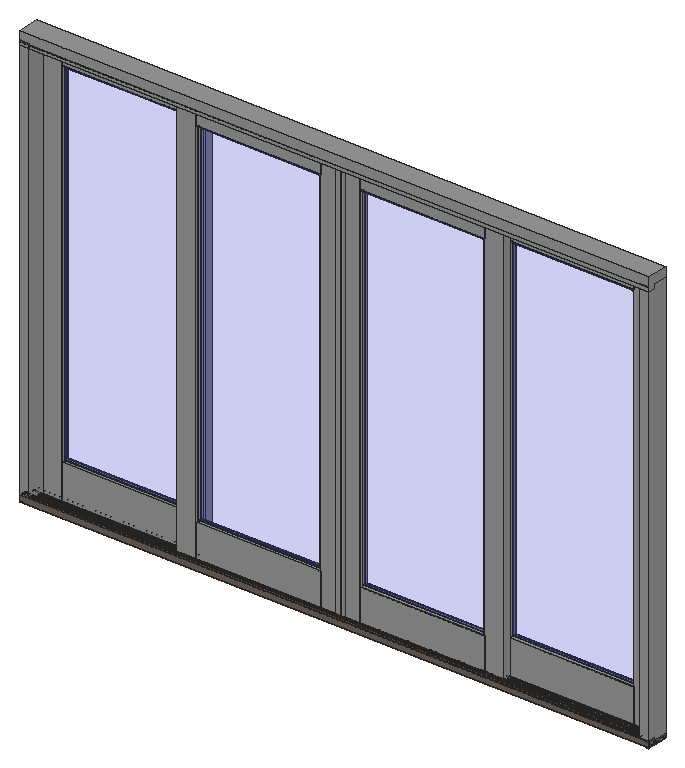
Revit family "VSDA3.1CO", category Doors, host Wall, Revit 2015
Parameters (values of type "VSDA3.1CO")
  Function = Interior
  Frame Projection Ext. = 25 mm
  Frame Projection Int. = 25 mm
  Frame Width = 75 mm
  Height = 2100 mm
  Wall Closure = By host
  Width = 3130 mm
Reference planes
  plane 1: y = 0
  plane 2 "Center (Left/Right)": x = 0
  plane 3 "Left": x = -1565
  plane 4 "Right": x = 1565
  plane 5: z = 2100
  plane 6 "Exterior": y = 75
  plane 7 "Interior": y = -75
Forms (mm)
  Extrusion 1, solid, material "Aluminium Cill (Bronze)"
    sketch origin (0, 79.18, -119.746) x (0, 1, 0) y (0, 0, 1)
      loop
        line (-26.68, 120.746) -> (-26.68, 135.746)
        arc (-26.68, 135.746) -> (-27.558, 137.867) -> (-29.68, 138.746) r 3
        line (-29.68, 138.746) -> (-40.947, 138.746)
        arc (-40.947, 138.746) -> (-42.68, 137.746) -> (-44.412, 138.746) r 2
        line (-44.412, 138.746) -> (-48.947, 138.746)
        arc (-48.947, 138.746) -> (-50.68, 137.746) -> (-52.412, 138.746) r 2
        line (-52.412, 138.746) -> (-56.947, 138.746)
        arc (-56.947, 138.746) -> (-58.68, 137.746) -> (-60.412, 138.746) r 2
        line (-60.412, 138.746) -> (-67.18, 138.746) -> (-67.18, 135.246)
        arc (-67.18, 135.246) -> (-67.619, 134.185) -> (-68.68, 133.746) r 1.5
        line (-68.68, 133.746) -> (-73.43, 133.746) -> (-73.43, 135.746) -> (-71.996, 135.746)
        arc (-71.996, 135.746) -> (-74.68, 138.746) -> (-77.363, 135.746) r 2.7
        line (-77.363, 135.746) -> (-75.93, 135.746) -> (-75.93, 133.746) -> (-80.68, 133.746)
        arc (-80.68, 133.746) -> (-81.74, 134.185) -> (-82.18, 135.246) r 1.5
        line (-82.18, 135.246) -> (-82.18, 138.746) -> (-90.432, 138.746) -> (-98.68, 138.746) -> (-98.68, 143.746)
        arc (-98.68, 143.746) -> (-99.18, 144.246) -> (-99.68, 143.746) r 0.5
        line (-99.68, 143.746) -> (-99.68, 142.734) -> (-100.88, 142.734) -> (-100.88, 150.246) -> (-99.68, 150.246) -> (-99.68, 149.246)
        arc (-99.68, 149.246) -> (-99.18, 148.746) -> (-98.68, 149.246) r 0.5
        line (-98.68, 149.246) -> (-98.68, 150.746)
        arc (-98.68, 150.746) -> (-98.972, 151.453) -> (-99.68, 151.746) r 1
        line (-99.68, 151.746) -> (-109.447, 151.746)
        arc (-109.447, 151.746) -> (-111.18, 150.746) -> (-112.912, 151.746) r 2
        line (-112.912, 151.746) -> (-117.447, 151.746)
        arc (-117.447, 151.746) -> (-119.18, 150.746) -> (-120.912, 151.746) r 2
        line (-120.912, 151.746) -> (-130.68, 151.746)
        arc (-130.68, 151.746) -> (-131.387, 151.453) -> (-131.68, 150.746) r 1
        line (-131.68, 150.746) -> (-131.68, 120.746)
        arc (-131.68, 120.746) -> (-131.387, 120.039) -> (-130.68, 119.746) r 1
        line (-130.68, 119.746) -> (-27.68, 119.746)
        arc (-27.68, 119.746) -> (-26.972, 120.039) -> (-26.68, 120.746) r 1
      loop
        line (-29.68, 137.246) -> (-40.23, 137.246)
        arc (-40.23, 137.246) -> (-42.68, 136.246) -> (-45.129, 137.246) r 3.5
        line (-45.129, 137.246) -> (-48.23, 137.246)
        arc (-48.23, 137.246) -> (-50.68, 136.246) -> (-53.129, 137.246) r 3.5
        line (-53.129, 137.246) -> (-56.23, 137.246)
        arc (-56.23, 137.246) -> (-58.68, 136.246) -> (-61.129, 137.246) r 3.5
        line (-61.129, 137.246) -> (-65.68, 137.246) -> (-65.68, 135.246)
        arc (-65.68, 135.246) -> (-66.558, 133.125) -> (-68.68, 132.246) r 3
        line (-68.68, 132.246) -> (-73.93, 132.246) -> (-73.93, 121.246) -> (-28.18, 121.246) -> (-28.18, 135.746)
        arc (-28.18, 135.746) -> (-28.619, 136.807) -> (-29.68, 137.246) r 1.5
      loop
        line (-75.43, 132.246) -> (-80.68, 132.246)
        arc (-80.68, 132.246) -> (-82.801, 133.125) -> (-83.68, 135.246) r 3
        line (-83.68, 135.246) -> (-83.68, 137.246) -> (-98.68, 137.246) -> (-98.68, 121.246) -> (-75.43, 121.246) -> (-75.43, 132.246)
      loop
        line (-100.18, 121.246) -> (-100.18, 141.246) -> (-102.38, 141.246) -> (-102.38, 150.246) -> (-108.73, 150.246)
        arc (-108.73, 150.246) -> (-111.18, 149.246) -> (-113.629, 150.246) r 3.5
        line (-113.629, 150.246) -> (-116.73, 150.246)
        arc (-116.73, 150.246) -> (-119.18, 149.246) -> (-121.629, 150.246) r 3.5
        line (-121.629, 150.246) -> (-130.18, 150.246) -> (-130.18, 121.246) -> (-100.18, 121.246)
    from -1565 to 1565
  Extrusion 2, solid, material "Lauan, Meranti"
    sketch origin (0, 0, 0) x (0, 1, 0) y (0, 0, 1)
      loop
        line (52.5, 2100) -> (-52.5, 2100) -> (-52.5, 2055) -> (-49.5, 2055) -> (-49.5, 2052) -> (-52.5, 2052) -> (-52.5, 2035) -> (-20.5, 2035) -> (-20.5, 2038.5) -> (-27.5, 2038.5) -> (-27.5, 2041.5) -> (-20.5, 2041.5) -> (-20.5, 2055) -> (32.5, 2055) -> (32.5, 2057) -> (52.5, 2057) -> (52.5, 2100)
    from -1565 to 1565
  Extrusion 3, solid, material "Lauan, Meranti"
    sketch origin (0, 0, 0) x (1, 0, 0) y (0, 1, 0)
      loop
        line (-1565, 52.5) -> (-1565, -52.5) -> (-1520, -52.5) -> (-1520, 52.5) -> (-1565, 52.5)
      loop
        line (1565, 52.5) -> (1520, 52.5) -> (1520, -52.5) -> (1565, -52.5) -> (1565, 52.5)
    from 32 to 2057
  Extrusion 4, solid, material "Lauan, Meranti"
    sketch origin (0, 0, 0) x (1, 0, 0) y (0, 1, 0)
      loop
        line (-1565, 52.5) -> (-1565, -19.5) -> (-1520, -19.5) -> (-1520, 52.5) -> (-1565, 52.5)
      loop
        line (1565, 52.5) -> (1520, 52.5) -> (1520, -19.5) -> (1565, -19.5) -> (1565, 52.5)
    from 19 to 32
  Extrusion 5, solid, material "Lauan, Meranti"
    sketch origin (550, 0, 0) x (0, 1, 0) y (0, 0, 1)
      loop
        line (52.5, 2054) -> (49.5, 2054) -> (49.5, 2057) -> (32.5, 2057) -> (32.5, 2041.5) -> (39.5, 2041.5) -> (39.5, 2038.5) -> (32.5, 2038.5) -> (32.5, 2035) -> (52.5, 2035) -> (52.5, 2054)
    from -1258.5 to 158.5
  Extrusion 6, solid, material "Lauan, Meranti"
    sketch origin (611.611, 0, 0) x (0, 1, 0) y (0, 0, 1)
      loop
        line (-15.5, 190) -> (-15.5, 19) -> (24.5, 19) -> (24.5, 190) -> (-5.5, 190) -> (-5.5, 199) -> (-7.5, 199) -> (-7.5, 197)
        arc (-7.5, 197) -> (-11.866, 194.67) -> (-13.5, 190) r 6.807
        line (-13.5, 190) -> (-15.5, 190)
      loop
        line (-7.5, 1952) -> (-7.5, 1950) -> (-5.5, 1950) -> (-5.5, 1959) -> (24.5, 1959) -> (24.5, 2055) -> (-15.5, 2055) -> (-15.5, 1959) -> (-13.5, 1959)
        arc (-13.5, 1959) -> (-11.866, 1954.33) -> (-7.5, 1952) r 6.807
    from -513.611 to 105.889
  Extrusion 7, solid, material "Lauan, Meranti"
    sketch origin (1631.611, 46.5, 0) x (0, 1, 0) y (0, 0, 1)
      loop
        line (-15.5, 190) -> (-15.5, 19) -> (24.5, 19) -> (24.5, 190) -> (-5.5, 190) -> (-5.5, 199) -> (-7.5, 199) -> (-7.5, 197)
        arc (-7.5, 197) -> (-11.866, 194.67) -> (-13.5, 190) r 6.807
        line (-13.5, 190) -> (-15.5, 190)
      loop
        line (-7.5, 1952) -> (-7.5, 1950) -> (-5.5, 1950) -> (-5.5, 1959) -> (24.5, 1959) -> (24.5, 2055) -> (-15.5, 2055) -> (-15.5, 1959) -> (-13.5, 1959)
        arc (-13.5, 1959) -> (-11.866, 1954.33) -> (-7.5, 1952) r 6.807
    from -827.111 to -207.611
  Sweep 8, solid, material "Lauan, Meranti"
    path origin (867.216, -75, -781.763) x (1, 0, 0) y (0, 0, 1)
      loop
        line (-62.716, 2740.763) -> (-62.716, 971.763) -> (556.784, 971.763) -> (556.784, 2740.763) -> (-62.716, 2740.763)
    profile origin (1114.25, -75, 1959) x (0, 0, 1) y (0, -1, 0)
      loop
        line (-9, -124.5) -> (-9, -126.5) -> (-7, -126.5)
        arc (-7, -126.5) -> (-4.67, -130.866) -> (0, -132.5) r 6.807
        line (0, -132.5) -> (0, -124.5) -> (-9, -124.5)
  Sweep 9, solid, material "Lauan, Meranti"
    path origin (175.108, -75, -980.222) x (1, 0, 0) y (0, 0, 1)
      loop
        line (-77.108, 2939.222) -> (-77.108, 1170.222) -> (542.392, 1170.222) -> (542.392, 2939.222) -> (-77.108, 2939.222)
    profile origin (407.75, -75, 1959) x (0, 0, 1) y (0, -1, 0)
      loop
        line (-9, -78) -> (-9, -80) -> (-7, -80)
        arc (-7, -80) -> (-4.67, -84.366) -> (0, -86) r 6.807
        line (0, -86) -> (0, -78) -> (-9, -78)
  Extrusion 10, solid, material "Glass"
    sketch origin (1099.736, -64.05, -73.649) x (1, 0, 0) y (0, 0, 1)
      loop
        line (-295.236, 2032.649) -> (-295.236, 263.649) -> (324.264, 263.649) -> (324.264, 2032.649) -> (-295.236, 2032.649)
      loop
        line (-1904.236, 2032.649) -> (-2523.736, 2032.649) -> (-2523.736, 263.649) -> (-1904.236, 263.649) -> (-1904.236, 2032.649)
    from -112.5 to -106.1
  Extrusion 11, solid, material "Glass"
    sketch origin (494.604, -110.55, 134.714) x (1, 0, 0) y (0, 0, 1)
      loop
        line (-396.604, 1824.286) -> (-396.604, 55.286) -> (222.896, 55.286) -> (222.896, 1824.286) -> (-396.604, 1824.286)
      loop
        line (-592.604, 1824.286) -> (-1212.104, 1824.286) -> (-1212.104, 55.286) -> (-592.604, 55.286) -> (-592.604, 1824.286)
    from -112.5 to -106.1
  Extrusion 12, solid, material "Lauan, Meranti"
    sketch origin (0, 0, 0) x (1, 0, 0) y (0, 1, 0)
      loop
        line (1424, 31) -> (1520, 31) -> (1520, 71) -> (1424, 71) -> (1424, 41) -> (1415, 41) -> (1415, 39) -> (1417, 39)
        arc (1417, 39) -> (1419.265, 34.56) -> (1424, 33) r 6.549
        line (1424, 33) -> (1424, 31)
      loop
        line (98, -15.5) -> (98, -13.5)
        arc (98, -13.5) -> (102.735, -11.94) -> (105, -7.5) r 6.549
        line (105, -7.5) -> (107, -7.5) -> (107, -5.5) -> (98, -5.5) -> (98, 24.5) -> (2, 24.5) -> (2, -15.5) -> (98, -15.5)
      loop
        line (717.5, -15.5) -> (813.5, -15.5) -> (813.5, 24.5) -> (717.5, 24.5) -> (717.5, -5.5) -> (708.5, -5.5) -> (708.5, -7.5) -> (710.5, -7.5)
        arc (710.5, -7.5) -> (712.765, -11.94) -> (717.5, -13.5) r 6.549
        line (717.5, -13.5) -> (717.5, -15.5)
      loop
        line (804.5, 31) -> (804.5, 33)
        arc (804.5, 33) -> (809.235, 34.56) -> (811.5, 39) r 6.549
        line (811.5, 39) -> (813.5, 39) -> (813.5, 41) -> (804.5, 41) -> (804.5, 71) -> (708.5, 71) -> (708.5, 31) -> (804.5, 31)
      loop
        line (-1424, 31) -> (-1424, 33)
        arc (-1424, 33) -> (-1419.265, 34.56) -> (-1417, 39) r 6.549
        line (-1417, 39) -> (-1415, 39) -> (-1415, 41) -> (-1424, 41) -> (-1424, 71) -> (-1520, 71) -> (-1520, 31) -> (-1424, 31)
      loop
        line (-98, -15.5) -> (-2, -15.5) -> (-2, 24.5) -> (-98, 24.5) -> (-98, -5.5) -> (-107, -5.5) -> (-107, -7.5) -> (-105, -7.5)
        arc (-105, -7.5) -> (-102.735, -11.94) -> (-98, -13.5) r 6.549
        line (-98, -13.5) -> (-98, -15.5)
      loop
        line (-717.5, -15.5) -> (-717.5, -13.5)
        arc (-717.5, -13.5) -> (-712.765, -11.94) -> (-710.5, -7.5) r 6.549
        line (-710.5, -7.5) -> (-708.5, -7.5) -> (-708.5, -5.5) -> (-717.5, -5.5) -> (-717.5, 24.5) -> (-813.5, 24.5) -> (-813.5, -15.5) -> (-717.5, -15.5)
      loop
        line (-804.5, 31) -> (-708.5, 31) -> (-708.5, 71) -> (-804.5, 71) -> (-804.5, 41) -> (-813.5, 41) -> (-813.5, 39) -> (-811.5, 39)
        arc (-811.5, 39) -> (-809.235, 34.56) -> (-804.5, 33) r 6.549
        line (-804.5, 33) -> (-804.5, 31)
    from 19 to 2055
  Sweep 13, solid, material "Lauan, Meranti"
    path origin (-867.216, -75, -781.763) x (-1, 0, 0) y (0, 0, -1)
      loop
        line (-62.716, -2740.763) -> (556.784, -2740.763) -> (556.784, -971.763) -> (-62.716, -971.763) -> (-62.716, -2740.763)
    profile origin (-1114.25, -75, 1959) x (0, 0, -1) y (0, -1, 0)
      loop
        line (9, -124.5) -> (0, -124.5) -> (0, -132.5)
        arc (0, -132.5) -> (4.67, -130.866) -> (7, -126.5) r 6.807
        line (7, -126.5) -> (9, -126.5) -> (9, -124.5)
  Sweep 14, solid, material "Lauan, Meranti"
    path origin (-175.108, -75, -980.222) x (-1, 0, 0) y (0, 0, -1)
      loop
        line (-77.108, -2939.222) -> (542.392, -2939.222) -> (542.392, -1170.222) -> (-77.108, -1170.222) -> (-77.108, -2939.222)
    profile origin (-407.75, -75, 1959) x (0, 0, -1) y (0, -1, 0)
      loop
        line (9, -78) -> (0, -78) -> (0, -86)
        arc (0, -86) -> (4.67, -84.366) -> (7, -80) r 6.807
        line (7, -80) -> (9, -80) -> (9, -78)
  Extrusion 15, solid, material "Lauan, Meranti"
    sketch origin (-611.611, 0, 0) x (0, 1, 0) y (0, 0, -1)
      loop
        line (-15.5, -190) -> (-13.5, -190)
        arc (-13.5, -190) -> (-11.866, -194.67) -> (-7.5, -197) r 6.807
        line (-7.5, -197) -> (-7.5, -199) -> (-5.5, -199) -> (-5.5, -190) -> (24.5, -190) -> (24.5, -19) -> (-15.5, -19) -> (-15.5, -190)
      loop
        arc (-7.5, -1952) -> (-11.866, -1954.33) -> (-13.5, -1959) r 6.807
        line (-13.5, -1959) -> (-15.5, -1959) -> (-15.5, -2055) -> (24.5, -2055) -> (24.5, -1959) -> (-5.5, -1959) -> (-5.5, -1950) -> (-7.5, -1950) -> (-7.5, -1952)
    from -513.611 to 105.889
  Extrusion 16, solid, material "Lauan, Meranti"
    sketch origin (-1631.611, 46.5, 0) x (0, 1, 0) y (0, 0, -1)
      loop
        line (-15.5, -190) -> (-13.5, -190)
        arc (-13.5, -190) -> (-11.866, -194.67) -> (-7.5, -197) r 6.807
        line (-7.5, -197) -> (-7.5, -199) -> (-5.5, -199) -> (-5.5, -190) -> (24.5, -190) -> (24.5, -19) -> (-15.5, -19) -> (-15.5, -190)
      loop
        arc (-7.5, -1952) -> (-11.866, -1954.33) -> (-13.5, -1959) r 6.807
        line (-13.5, -1959) -> (-15.5, -1959) -> (-15.5, -2055) -> (24.5, -2055) -> (24.5, -1959) -> (-5.5, -1959) -> (-5.5, -1950) -> (-7.5, -1950) -> (-7.5, -1952)
    from -827.111 to -207.611
  Extrusion 17, solid, material "Lauan, Meranti"
    sketch origin (4059.03, 0, -20) x (1, 0, 0) y (0, 1, 0)
      loop
        line (-4071.03, -25.5) -> (-4047.03, -25.5) -> (-4047.03, -23.5)
        arc (-4047.03, -23.5) -> (-4041.373, -21.157) -> (-4039.03, -15.5) r 8
        line (-4039.03, -15.5) -> (-4079.03, -15.5)
        arc (-4079.03, -15.5) -> (-4076.687, -21.157) -> (-4071.03, -23.5) r 8
        line (-4071.03, -23.5) -> (-4071.03, -25.5)
      loop
        line (-4071.03, 34.5) -> (-4071.03, 32.5)
        arc (-4071.03, 32.5) -> (-4076.687, 30.157) -> (-4079.03, 24.5) r 8
        line (-4079.03, 24.5) -> (-4039.03, 24.5)
        arc (-4039.03, 24.5) -> (-4041.373, 30.157) -> (-4047.03, 32.5) r 8
        line (-4047.03, 32.5) -> (-4047.03, 34.5) -> (-4071.03, 34.5)
    from 39 to 2055
Cuts and joins
  joined: Extrusion 3, Extrusion 4
Lines and regions (mm)
  Opening 1
    outline origin (-3050, -75, 0) x (1, 0, 0) y (0, 0, 1)
      loop
        line (1485, 0) -> (4615, 0) -> (4615, 2100) -> (1485, 2100) -> (1485, 0)
  model lines
    curve 1: line (227.533, 99.5, 1050) -> (482.533, 99.5, 1050)
    curve 2: line (621.611, 99.5, 1050) -> (482.533, 99.5, 1106.191)
    curve 3: line (482.533, 99.5, 1106.191) -> (482.533, 99.5, 993.809)
    curve 4: line (621.611, 99.5, 1050) -> (482.533, 99.5, 993.809)
    curve 5: line (-227.533, 99.5, 1050) -> (-482.533, 99.5, 1050)
    curve 6: line (-621.611, 99.5, 1050) -> (-482.533, 99.5, 1106.191)
    curve 7: line (-482.533, 99.5, 1106.191) -> (-482.533, 99.5, 993.809)
    curve 8: line (-621.611, 99.5, 1050) -> (-482.533, 99.5, 993.809)
Text (mm)
  text "Exterior" at (-2295.016, 1099.543, 0), in view "Ref. Level"
  text "Exterior" at (0, 1615.38, 3698.081), in view "Left"
  text "Exterior" at (0, 1036.032, 3874.932), in view "Right"
Dimensions and locks
  equal spacing: plane 3 "Left", plane 2 "Center (Left/Right)", plane 4 "Right"
  "Width": plane 3 "Left" to plane 4 "Right"
  "Height": plane 5 to host wall
  host wall to plane 5 = 2100 mm  (x2)
  locked: plane 6 "Exterior" to host wall at 0
  locked: plane 7 "Interior" to host wall
  plane 3 "Left" to plane 4 "Right" = 3130 mm
  aligned and locked: plane 3 "Left" to Opening 1 sketch curve
  aligned and locked: plane 5 to Opening 1 sketch curve  (x2)
  aligned and locked: Opening 1 sketch curve to plane 4 "Right"
  aligned and locked: Opening 1 sketch curve to level
  aligned and locked: plane 1 to host wall
  aligned and locked: Extrusion 1 to host wall  (x2)
  aligned and locked: Extrusion 2 to host wall  (x2)
  aligned and locked: Extrusion 4 to Extrusion 1  (x2)
  aligned and locked: Extrusion 3 to Extrusion 1
  aligned and locked: Extrusion 3 to Extrusion 2
  aligned and locked: Extrusion 7 to Sweep 8 sketch curve  (x2)
  aligned and locked: Extrusion 6 to Sweep 9 sketch curve  (x2)
  aligned and locked: Sweep 8 sketch curve to Extrusion 10  (x2)
  aligned and locked: Sweep 9 sketch curve to Extrusion 11  (x2)
Automatic sketch dimensions
  Extrusion 1 sketch curve to level = 0 mm
  level to Extrusion 1 sketch curve = 1 mm
  Extrusion 1 sketch curve to host wall = 22.5 mm
  Extrusion 1 sketch curve to Extrusion 1 sketch curve = 1 mm  (x7)
  Extrusion 1 sketch curve to Extrusion 1 sketch curve = 0.5 mm  (x8)
  Extrusion 1 sketch curve to Extrusion 1 sketch curve = 8.551 mm
  Extrusion 1 sketch curve to Extrusion 1 sketch curve = 0.717 mm  (x10)
  Extrusion 1 sketch curve to Extrusion 1 sketch curve = 1.732 mm  (x10)
  Extrusion 1 sketch curve to Extrusion 1 sketch curve = 0 mm  (x26)
  Extrusion 1 sketch curve to Extrusion 1 sketch curve = 3.101 mm  (x3)
  Extrusion 1 sketch curve to Extrusion 1 sketch curve = 6.351 mm
  Extrusion 1 sketch curve to Extrusion 1 sketch curve = 1.5 mm  (x15)
  Extrusion 1 sketch curve to Extrusion 1 sketch curve = 0.7 mm
  level to Extrusion 1 sketch curve = 1.5 mm  (x3)
  Extrusion 1 sketch curve to Extrusion 1 sketch curve = 1.2 mm  (x2)
  Extrusion 1 sketch curve to Extrusion 1 sketch curve = 8.248 mm
  host wall to Extrusion 1 sketch curve = 4.5 mm
  host wall to Extrusion 1 sketch curve = 1.5 mm  (x2)
  Extrusion 1 sketch curve to host wall = 1.817 mm
  Extrusion 1 sketch curve to Extrusion 1 sketch curve = 1.433 mm  (x3)
  Extrusion 1 sketch curve to host wall = 3.75 mm
  Extrusion 1 sketch curve to Extrusion 1 sketch curve = 1.25 mm  (x2)
  Extrusion 1 sketch curve to Extrusion 1 sketch curve = 3.317 mm
  Extrusion 1 sketch curve to Extrusion 1 sketch curve = 4.551 mm
  Extrusion 1 sketch curve to Extrusion 1 sketch curve = 10.551 mm
  Extrusion 1 sketch curve to Extrusion 1 sketch curve = 11 mm
  Extrusion 1 sketch curve to Extrusion 1 sketch curve = 14.5 mm
  Extrusion 1 sketch curve to Extrusion 1 sketch curve = 2 mm  (x4)
  Extrusion 1 sketch curve to Extrusion 1 sketch curve = 0.3 mm
  Extrusion 1 sketch curve to Extrusion 1 sketch curve = 2.5 mm
  Extrusion 1 sketch curve to Extrusion 1 sketch curve = 1.488 mm
  Extrusion 1 sketch curve to Extrusion 1 sketch curve = 1.012 mm
  Extrusion 1 sketch curve to Extrusion 1 sketch curve = 5.5 mm
  plane 5 to Extrusion 2 sketch curve = 0 mm
  Extrusion 2 sketch curve to host wall = 22.5 mm
  Extrusion 2 sketch curve to Extrusion 2 sketch curve = 0 mm  (x2)
  Extrusion 2 sketch curve to Extrusion 2 sketch curve = 3 mm  (x3)
  Extrusion 2 sketch curve to Extrusion 2 sketch curve = 22 mm
  Extrusion 2 sketch curve to Extrusion 2 sketch curve = 7 mm  (x2)
  Extrusion 2 sketch curve to host wall = 32.5 mm
  Extrusion 2 sketch curve to Extrusion 2 sketch curve = 20 mm
  plane 5 to Extrusion 2 sketch curve = 43 mm
  plane 5 to Extrusion 2 sketch curve = 45 mm
  Extrusion 2 sketch curve to Extrusion 2 sketch curve = 13.5 mm
  Extrusion 2 sketch curve to Extrusion 2 sketch curve = 17 mm
  Extrusion 3 sketch curve to plane 3 "Left" = 0 mm
  Extrusion 3 sketch curve to plane 4 "Right" = 0 mm
  Extrusion 3 sketch curve to Extrusion 3 sketch curve = 45 mm  (x2)
  Extrusion 3 sketch curve to host wall = 22.5 mm  (x4)
  Extrusion 4 sketch curve to plane 3 "Left" = 0 mm
  Extrusion 4 sketch curve to plane 4 "Right" = 0 mm
  host wall to Extrusion 4 sketch curve = 19.5 mm  (x2)
  Extrusion 4 sketch curve to Extrusion 4 sketch curve = 45 mm
  plane 4 "Right" to Extrusion 4 sketch curve = 45 mm
  Extrusion 4 sketch curve to host wall = 22.5 mm  (x2)
  curve 8 to plane 2 "Center (Left/Right)" = 621.611 mm
  curve 6 to curve 7 = 139.078 mm
  plane 2 "Center (Left/Right)" to curve 3 = 482.533 mm
  curve 1 to curve 2 = 139.078 mm
  level to curve 4 = 993.809 mm
  curve 7 to curve 3 = 0 mm
  curve 7 to curve 8 = 56.191 mm
  curve 3 to curve 4 = 56.191 mm
  curve 3 to curve 3 = 112.382 mm
  curve 7 to curve 7 = 112.382 mm
  curve 5 to plane 2 "Center (Left/Right)" = 227.533 mm
  plane 2 "Center (Left/Right)" to curve 1 = 227.533 mm
  curve 1 to curve 2 = 56.191 mm
  curve 5 to curve 6 = 56.191 mm
  Extrusion 5 sketch curve to host wall = 32.5 mm
  Extrusion 5 sketch curve to Extrusion 5 sketch curve = 0 mm
  Extrusion 5 sketch curve to Extrusion 5 sketch curve = 7 mm
  Extrusion 5 sketch curve to Extrusion 5 sketch curve = 17 mm
  Extrusion 5 sketch curve to Extrusion 5 sketch curve = 3 mm  (x3)
  plane 5 to Extrusion 5 sketch curve = 65 mm
  Extrusion 5 sketch curve to Extrusion 5 sketch curve = 3.5 mm
  Extrusion 5 sketch curve to Extrusion 5 sketch curve = 12.5 mm
  host wall to Extrusion 6 sketch curve = 15.5 mm  (x2)
  Extrusion 6 sketch curve to Extrusion 6 sketch curve = 2 mm  (x6)
  host wall to Extrusion 6 sketch curve = 7.5 mm  (x2)
  host wall to Extrusion 6 sketch curve = 6.697 mm  (x2)
  Extrusion 6 sketch curve to host wall = 24.5 mm  (x2)
  level to Extrusion 6 sketch curve = 19 mm
  Extrusion 6 sketch curve to Extrusion 6 sketch curve = 171 mm
  Extrusion 6 sketch curve to Extrusion 6 sketch curve = 0 mm
  Extrusion 6 sketch curve to Extrusion 6 sketch curve = 0.241 mm  (x2)
  plane 5 to Extrusion 6 sketch curve = 150 mm
  Extrusion 6 sketch curve to Extrusion 6 sketch curve = 6.759 mm
  plane 5 to Extrusion 6 sketch curve = 45 mm
  Extrusion 7 sketch curve to host wall = 31 mm  (x2)
  Extrusion 7 sketch curve to Extrusion 7 sketch curve = 2 mm  (x6)
  Extrusion 7 sketch curve to Extrusion 7 sketch curve = 6 mm  (x2)
  Extrusion 7 sketch curve to Extrusion 7 sketch curve = 0.803 mm
  Extrusion 7 sketch curve to Extrusion 7 sketch curve = 6.803 mm
  Extrusion 7 sketch curve to host wall = 4 mm  (x2)
  level to Extrusion 7 sketch curve = 19 mm
  Extrusion 7 sketch curve to Extrusion 7 sketch curve = 171 mm
  Extrusion 7 sketch curve to Extrusion 7 sketch curve = 0 mm
  Extrusion 7 sketch curve to Extrusion 7 sketch curve = 0.241 mm  (x2)
  plane 5 to Extrusion 7 sketch curve = 150 mm
  Extrusion 7 sketch curve to Extrusion 7 sketch curve = 6.759 mm
  plane 5 to Extrusion 7 sketch curve = 45 mm
  profile plane to Sweep 8 sketch curve = 0 mm
  profile plane to Sweep 8 sketch curve = 0.241 mm
  Sweep 8 sketch curve to Sweep 8 sketch curve = 6.759 mm
  Sweep 8 sketch curve to Sweep 8 sketch curve = 2 mm  (x2)
  Sweep 8 sketch curve to profile plane = 132.5 mm
  Sweep 8 sketch curve to Sweep 8 sketch curve = 6 mm
  profile plane to Sweep 9 sketch curve = 0 mm
  profile plane to Sweep 9 sketch curve = 0.241 mm
  Sweep 9 sketch curve to Sweep 9 sketch curve = 6.759 mm
  Sweep 9 sketch curve to Sweep 9 sketch curve = 2 mm  (x2)
  Sweep 9 sketch curve to profile plane = 86 mm
  Sweep 9 sketch curve to Sweep 9 sketch curve = 6 mm
  Extrusion 10 sketch curve to plane 3 "Left" = 141 mm
  level to Extrusion 10 sketch curve = 190 mm  (x2)
  Extrusion 10 sketch curve to Extrusion 10 sketch curve = 619.5 mm
  plane 4 "Right" to Extrusion 10 sketch curve = 760.5 mm
  plane 4 "Right" to Extrusion 10 sketch curve = 141 mm
  plane 5 to Extrusion 10 sketch curve = 141 mm  (x2)
  plane 5 to Extrusion 11 sketch curve = 141 mm  (x2)
  Extrusion 11 sketch curve to plane 2 "Center (Left/Right)" = 717.5 mm
  Extrusion 11 sketch curve to plane 2 "Center (Left/Right)" = 98 mm
  plane 2 "Center (Left/Right)" to Extrusion 11 sketch curve = 98 mm
  level to Extrusion 11 sketch curve = 190 mm  (x2)
  Extrusion 11 sketch curve to Extrusion 11 sketch curve = 619.5 mm
  Extrusion 12 sketch curve to plane 3 "Left" = 45 mm
  Extrusion 12 sketch curve to host wall = 4 mm  (x4)
  Extrusion 12 sketch curve to Extrusion 12 sketch curve = 96 mm  (x2)
  Extrusion 12 sketch curve to Extrusion 12 sketch curve = 0 mm  (x6)
  Extrusion 12 sketch curve to Extrusion 12 sketch curve = 0.473 mm  (x10)
  Extrusion 12 sketch curve to Extrusion 12 sketch curve = 6.527 mm  (x8)
  Extrusion 12 sketch curve to Extrusion 12 sketch curve = 2 mm  (x22)
  Extrusion 12 sketch curve to host wall = 24.5 mm  (x3)
  Extrusion 12 sketch curve to Extrusion 12 sketch curve = 601.5 mm  (x2)
  Extrusion 12 sketch curve to Extrusion 12 sketch curve = 9 mm  (x4)
  host wall to Extrusion 12 sketch curve = 5.5 mm  (x2)
  Extrusion 12 sketch curve to Extrusion 12 sketch curve = 87 mm  (x2)
  host wall to Extrusion 12 sketch curve = 7.5 mm  (x2)
  Extrusion 12 sketch curve to plane 2 "Center (Left/Right)" = 107 mm
  Extrusion 12 sketch curve to plane 2 "Center (Left/Right)" = 2 mm
  plane 2 "Center (Left/Right)" to Extrusion 12 sketch curve = 2 mm
  host wall to Extrusion 12 sketch curve = 15.5 mm
  Extrusion 12 sketch curve to host wall = 31 mm  (x2)
  Extrusion 12 sketch curve to host wall = 34 mm
  plane 4 "Right" to Extrusion 12 sketch curve = 150 mm
  plane 4 "Right" to Extrusion 12 sketch curve = 45 mm
  Extrusion 12 sketch curve to Extrusion 12 sketch curve = 10 mm  (x3)
  Extrusion 12 sketch curve to Extrusion 12 sketch curve = 8 mm
  Extrusion 12 sketch curve to Extrusion 12 sketch curve = 6.5 mm  (x2)
  Extrusion 12 sketch curve to Extrusion 12 sketch curve = 6 mm  (x3)
  Extrusion 12 sketch curve to Extrusion 12 sketch curve = 1.468 mm  (x2)
  level to Sweep 13 sketch curve = 190 mm
  Sweep 13 sketch curve to plane 3 "Left" = 760.5 mm
  Sweep 13 sketch curve to plane 3 "Left" = 141 mm
  plane 5 to Sweep 13 sketch curve = 141 mm
  Sweep 13 sketch curve to profile plane = 0 mm
  Sweep 13 sketch curve to profile plane = 0.241 mm
  Sweep 13 sketch curve to Sweep 13 sketch curve = 6.759 mm
  Sweep 13 sketch curve to Sweep 13 sketch curve = 2 mm  (x2)
  Sweep 13 sketch curve to profile plane = 132.5 mm
  Sweep 13 sketch curve to Sweep 13 sketch curve = 6 mm
  Sweep 14 sketch curve to plane 2 "Center (Left/Right)" = 98 mm
  level to Sweep 14 sketch curve = 190 mm
  Sweep 14 sketch curve to Sweep 14 sketch curve = 619.5 mm
  plane 5 to Sweep 14 sketch curve = 141 mm
  Sweep 14 sketch curve to profile plane = 0 mm
  Sweep 14 sketch curve to profile plane = 0.241 mm
  Sweep 14 sketch curve to Sweep 14 sketch curve = 6.759 mm
  Sweep 14 sketch curve to Sweep 14 sketch curve = 2 mm  (x2)
  Sweep 14 sketch curve to profile plane = 86 mm
  Sweep 14 sketch curve to Sweep 14 sketch curve = 6 mm
  host wall to Extrusion 15 sketch curve = 15.5 mm  (x2)
  Extrusion 15 sketch curve to Extrusion 15 sketch curve = 2 mm  (x6)
  host wall to Extrusion 15 sketch curve = 7.5 mm  (x2)
  host wall to Extrusion 15 sketch curve = 6.697 mm  (x2)
  Extrusion 15 sketch curve to host wall = 24.5 mm  (x2)
  plane 5 to Extrusion 15 sketch curve = 45 mm
  Extrusion 15 sketch curve to Extrusion 15 sketch curve = 96 mm
  Extrusion 15 sketch curve to Extrusion 15 sketch curve = 0 mm
  Extrusion 15 sketch curve to Extrusion 15 sketch curve = 0.241 mm  (x2)
  level to Extrusion 15 sketch curve = 199 mm
  Extrusion 15 sketch curve to Extrusion 15 sketch curve = 6.759 mm
  level to Extrusion 15 sketch curve = 19 mm
  Extrusion 16 sketch curve to host wall = 31 mm  (x2)
  Extrusion 16 sketch curve to Extrusion 16 sketch curve = 2 mm  (x6)
  Extrusion 16 sketch curve to Extrusion 16 sketch curve = 6 mm  (x2)
  Extrusion 16 sketch curve to Extrusion 16 sketch curve = 0.803 mm
  Extrusion 16 sketch curve to Extrusion 16 sketch curve = 6.803 mm
  Extrusion 16 sketch curve to host wall = 4 mm  (x2)
  plane 5 to Extrusion 16 sketch curve = 45 mm
  Extrusion 16 sketch curve to Extrusion 16 sketch curve = 96 mm
  Extrusion 16 sketch curve to Extrusion 16 sketch curve = 0 mm
  Extrusion 16 sketch curve to Extrusion 16 sketch curve = 0.241 mm  (x2)
  level to Extrusion 16 sketch curve = 199 mm
  Extrusion 16 sketch curve to Extrusion 16 sketch curve = 6.759 mm
  level to Extrusion 16 sketch curve = 19 mm
  Extrusion 17 sketch curve to plane 2 "Center (Left/Right)" = 20 mm  (x2)
  Extrusion 17 sketch curve to Extrusion 17 sketch curve = 8 mm  (x3)
  Extrusion 17 sketch curve to plane 2 "Center (Left/Right)" = 12 mm
  plane 2 "Center (Left/Right)" to Extrusion 17 sketch curve = 12 mm  (x2)
  host wall to Extrusion 17 sketch curve = 25.5 mm
  Extrusion 17 sketch curve to Extrusion 17 sketch curve = 2 mm  (x2)
  Extrusion 17 sketch curve to host wall = 24.5 mm
